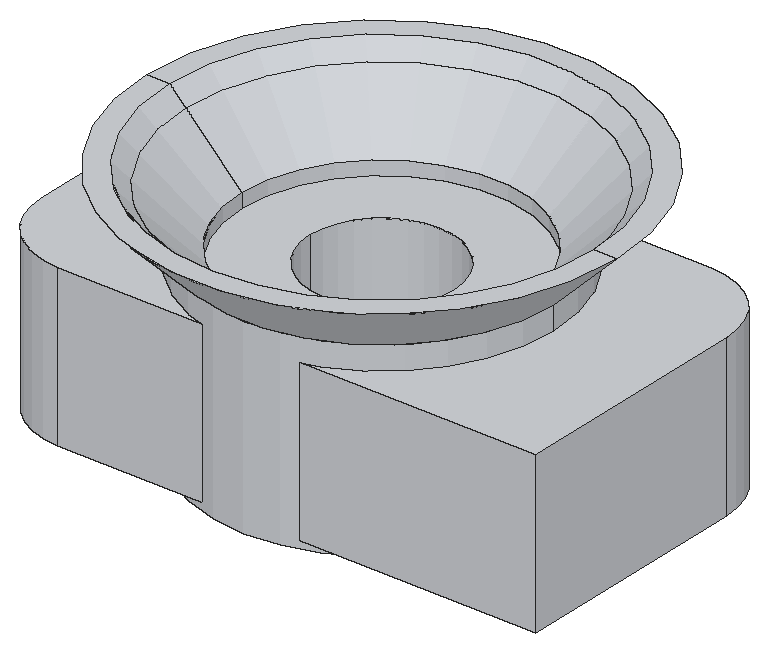
Revit family "CN10", category Generic Models, Revit 2017
Family settings
  Can host rebar = No
  Round Connector Dimension = Use Diameter
  Part Type = Normal
  Work Plane-Based = Yes
  Always vertical = No
  Cut with Voids When Loaded = No
  Shared = No
  Room Calculation Point = No
Parameters (values of type "NBS Standard Parameters")
  Weight = "0.0388Kg"
  WarrantyStartDate [instance] = "1900-12-31T23:59:59"
  WarrantyGuarantorParts = "n/a"
  WarrantyGuarantorLabor = "n/a"
  WarrantyDurationUnit = "1 year"
  WarrantyDurationParts = "n/a"
  WarrantyDurationLabor = "n/a"
  WarrantyDescription = "n/a"
  Version = "1"
  Uniclass2 = "Pr_65_70_11_19"
  TagNumber [instance] = "n/a"
  SustainabilityPerformance = "n/a"
  Size = "M10"
  Shape = "Rectangular"
  SerialNumber [instance] = "n/a"
  Revision = "n/a"
  ReplacementCost = "n/a"
  ProductInformation = "www.metpro.co.uk/pdf/cn10.pdf"
  NominalWidth = 19.5 mm
  NominalLength = 34.5 mm
  NominalHeight = 17 mm
  Name = ""
  NBSTypeID = ""
  NBSReference = "90-55-10/305"
  NBSOfficeMasterTag = ""
  NBSNote = ""
  NBSDescription = "Channel Cable Supports"
  NBSCertification = ""
  ModelReference = "CN10"
  ModelNumber = "n/a"
  Material = "Nut- Steel / Captive Assembly - Nylon 6"
  ManufacturerURL = "www.metpro.co.uk"
  ManufacturerName = "Metpro Ltd"
  Keynote = "Produced to Comply with Requirements of BS6946 Metal Channel Support  Systems"
  InstallationDate [instance] = "1900-12-31T23:59:59"
  IfcExportType = ""
  IfcExportAs = ""
  Grade = "n/a"
  Finish = "BZP -Nut Only"
  Features = "n/a"
  ExpectedLife = "n/a"
  DurationUnit = "year"
  Description = "CN10 - M10 Easyfit Channel Nut C/W Nylon Captive Assembly"
  Default Elevation = 1219.2 mm
  Constituents = "n/a"
  Color = "n/a"
  CodePerformance = "n/a"
  Category = "n/a"
  BarCode [instance] = "n/a"
  BIMObjectName = "Metpro_metprolibrary_channelcablesupports_channelspringnut_easynut"
  Author = "Metpro Limited"
  AssetType = ""
  AssetIdentifier [instance] = "n/a"
  AccessibilityPerformance = "n/a"
Reference planes
  plane 1 "Center (Front/Back)": y = 0
  plane 2: z = 0
  plane 3 "Center (Left/Right)": x = 0
Forms (mm)
  Extrusion 1, solid
    sketch origin (0, 0, 0) x (1, 0, 0) y (0, 1, 0)
      loop
        line (-17.09, 9.685) -> (-17.09, -5.315)
        arc (-17.09, -5.315) -> (-15.625, -8.851) -> (-12.09, -10.315) r 5
        line (-12.09, -10.315) -> (17.91, -10.315) -> (17.91, 4.685)
        arc (17.91, 4.685) -> (16.446, 8.22) -> (12.91, 9.685) r 5
        line (12.91, 9.685) -> (-17.09, 9.685)
      loop
        circle (0, 0) r 4.5
    from 0 to 10
  Revolve 2, solid
    sketch origin (0, 0, 0) x (1, 0, 0) y (0, 0, 1)
      loop
        line (-14.75, 15.395) -> (-10.803, 11.449) -> (-10.803, -0.489) -> (-8.8, -0.489) -> (-8.8, 10.86) -> (-12.336, 14.395) -> (-13.336, 15.395) -> (-14.75, 15.395)
      axis (0, 15.395) -> (0, -0.489)
    angle from 0 to 360
Dimensions and locks
  aligned and locked: level to plane 2
